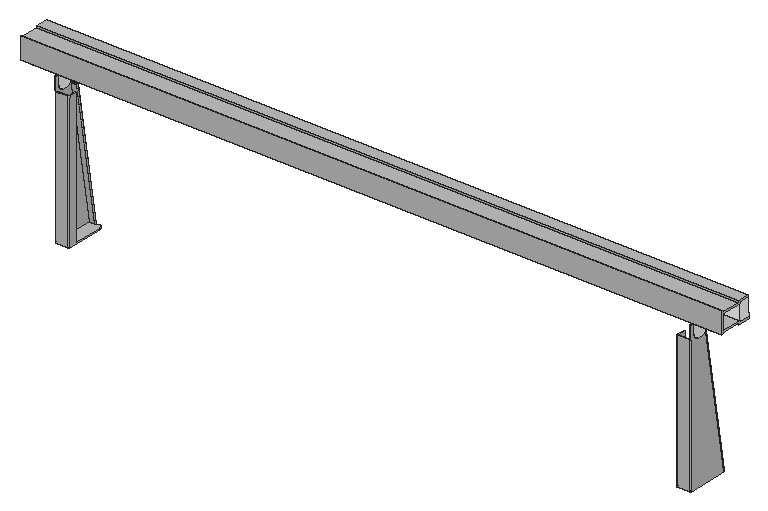
Revit family "4070763+4070746+4070772 Feilo Sylvania Lighting Fixture CURSUS 1161MM 871LM OVAL LED 4K with CONTINUOUS WALL HOUSING with 250MM WALL BRACKET", category Lighting Fixtures, host Face, Revit 2017
Family settings
  Host = Face
  Round Connector Dimension = Use Diameter
  Part Type = Normal
  OmniClass Number = 23.80.70.14
  OmniClass Title = Luminaries for External Lighting
  Cut with Voids When Loaded = Yes
  Light Source = No
  Shared = No
  Room Calculation Point = No
Parameters (values of type "4070763 CURSUS 1161MM 871LM OVAL LED 4K")
  Weight = "2.2 kg"
  Wattage Comments = "n/a"
  WarrantyStartDate [instance] = "n/a"
  WarrantyGuarantorParts = "n/a"
  WarrantyDurationUnit = "n/a"
  WarrantyDurationParts = "n/a"
  WarrantyDescription = "n/a"
  Voltage = 24 V
  URL = "http://www.sylvania-lighting.com"
  TypeName = "CURSUS 1161MM 871LM OVAL LED 4K"
  TypeFixture_FEILO = CURSUS with CONTINUOUS WALL HOUSING : CURSUS 1161MM 871LM OVAL LED 4K
  Type Image = <None>
  Type Comments = "n/a"
  TiltAngle [instance] = 0.00°
  StartAngle [instance] = TiltAngle + 270.00°  # 270.00°
  SerialNumber [instance] = "n/a"
  ReflectorMaterial = none
  PowerFactor = 0
  PowerConsumption = "18 W"
  NominalLength = 1161 mm
  NominalHeight = 50 mm
  NominalDepth = 30 mm
  Name = "CURSUS 1161MM 871LM OVAL LED 4K"
  ModelReference = Name  # "CURSUS 1161MM 871LM OVAL LED 4K"
  ModelNumber = "4070763"
  Model = Name  # "CURSUS 1161MM 871LM OVAL LED 4K"
  Material = "natural anodised extruded aluminium structure housing, optical system with pmma lenses diffuser"
  ManufacturerName = "Feilo Sylvania"
  Manufacturer = "Feilo Sylvania"
  LuminousEfficacy = "48.38 lm/W"
  LuminaireType = ""
  LightOutputRatio = "100"
  LampsType = Lamp  # "LED"
  LampNominalLuminous = "871 lm"
  LampMacAdamStep = "n/a"
  LampColourTemperature = "4000 K"
  LampColourRenderingIndex = "80"
  Lamp = "LED"
  Keynote = "16500"
  InstallationDate [instance] = "n/a"
  InputVoltage = "24V DC"
  InputNominalFrequency = "50/60 Hz"
  IngressProtection = "IP67"
  ImpactProtectionIndex = "IK07"
  IfcExportType = "IfcLightFixtureType"
  IfcExportAs = "IfcLightFixtureType"
  ExpectedLife = 50000
  EndAngle [instance] = StartAngle - 180.00°  # 90.00°
  ElectricShockClassification = "Class III"
  DurationUnit = "hours"
  DocumentationLiterature = "http://www.sylvania-lighting.com/product/en-int/products/4070763"
  DimmingControlOptions = "n/a"
  DiffuserMaterial = Diffuser-Sylvania-Glow
  Description = "LED Exterior Lighting Recessed Surface Mounted Linear Fixture, Natural anodised extruded aluminium structure. Die-cast aluminium end caps. Installation kit with harmonic steel springs., 871 lm, 18W,  48lm/W, 4000K, CRI80+,non dimmable,IP67, IK07, (HxWxD) 1161x50x30mm, 3 step Mac Adam Ellipse, 2.2kg,, Classe III, 21-25V-DC, energy class : A++, A+, A"
  Default Elevation = 1219.2 mm
  CreatedOn = "1/8/2018"
  CreatedBy = ""
  Cost = 0
  built-in parameter 1114216 [instance] = (empty or 0)
  ClassificationValue = "EF_70_80"
  ClassificationName = "Uniclass2015"
  BracketWidth = 24 mm
  BracketThickness = 2 mm
  BracketHeightEnd = 32 mm
  BracketHeight = 70 mm
  BracketFlange = BracketHeight / 5  # 14 mm
  BracketExtension = 250 mm
  BracketEndReduction = 25 mm
  BracketC = 22 mm  # constant formula
  BracketDistance = 1030 mm
  BracketD = BracketHeightEnd - (BracketC * (BracketHeight - BracketHeightEnd) / (BracketExtension - BracketEndReduction))  # 28.284 mm
  BodyMaterial = Body-Sylvania-Gray
  BarCode [instance] = "n/a"
  AssetType = "Fixed"
  AssetIdentifier [instance] = "n/a"
  Assembly Code = "D5020200"
  Apparent Load = 18 VA
  AccessoryMaterial = Diffuser-Sylvania-Glow
Reference planes
  plane 1 "Center (Front/Back)": y = 0
  plane 2: z = 0
  plane 3 "Center (Left/Right)": x = 0
  plane 4: x = -527
  plane 5: x = 527
  plane 6: y = 70
  plane 7: x = -503
  plane 8: x = 503
  plane 9: z = 250
  plane 10: z = 236
  plane 11: z = 2
  plane 12: z = 225
  plane 13: x = -525
  plane 14: y = 68
  plane 15: y = 2
  plane 16: x = -505
  plane 17: x = 505
  plane 18: x = 525
  plane 19: x = -515
  plane 20: x = 515
  plane 21: y = 14
  plane 22: y = 32
  plane 23: y = 30
  plane 24: z = 247
  plane 25: y = 28.284
  plane 26: y = 16
Forms (mm)
  Blend 1, solid, material "Body-Sylvania-Gray" <- "BodyMaterial"
    base sketch origin (1223.4, -4572, 2) x (0, -1, 0) y (1, 0, 0)
      loop
        line (-4640, -1738.4) -> (-4642, -1738.4) -> (-4642, -1748.4)
        arc (-4642, -1748.4) -> (-4641.414, -1749.814) -> (-4640, -1750.4) r 2
        line (-4640, -1750.4) -> (-4574, -1750.4)
        arc (-4574, -1750.4) -> (-4572.586, -1749.814) -> (-4572, -1748.4) r 2
        line (-4572, -1748.4) -> (-4572, -1728.4)
        arc (-4572, -1728.4) -> (-4572.586, -1726.986) -> (-4574, -1726.4) r 2
        line (-4574, -1726.4) -> (-4586, -1726.4) -> (-4586, -1728.4) -> (-4574, -1728.4) -> (-4574, -1748.4) -> (-4640, -1748.4) -> (-4640, -1738.4)
    top sketch origin (1223.4, -4572, 2) x (0, -1, 0) y (1, 0, 0)
      loop
        line (-4586, -1728.4) -> (-4574, -1728.4) -> (-4574, -1748.4) -> (-4602, -1748.4) -> (-4602, -1738.4) -> (-4604, -1738.4) -> (-4604, -1748.4)
        arc (-4604, -1748.4) -> (-4603.52, -1749.71) -> (-4602.309, -1750.4) r 2.028
        line (-4602.309, -1750.4) -> (-4574, -1750.4)
        arc (-4574, -1750.4) -> (-4572.586, -1749.814) -> (-4572, -1748.4) r 2
        line (-4572, -1748.4) -> (-4572, -1728.4)
        arc (-4572, -1728.4) -> (-4572.586, -1726.986) -> (-4574, -1726.4) r 2
        line (-4574, -1726.4) -> (-4586, -1726.4) -> (-4586, -1728.4)
    from 0 to 223
  Extrusion 2, solid, material "Body-Sylvania-Gray" <- "BodyMaterial"
    sketch origin (0, 0, 0) x (1, 0, 0) y (0, 1, 0)
      loop
        arc (-525, 70) -> (-526.414, 69.414) -> (-527, 68) r 2
        line (-527, 68) -> (-527, 2)
        arc (-527, 2) -> (-526.414, 0.586) -> (-525, 0) r 2
        line (-525, 0) -> (-505, 0)
        arc (-505, 0) -> (-503.586, 0.586) -> (-503, 2) r 2
        line (-503, 2) -> (-503, 62.5)
        arc (-503, 62.5) -> (-505.197, 67.803) -> (-510.5, 70) r 7.5
        line (-510.5, 70) -> (-525, 70)
      loop
        line (525, 70) -> (510.5, 70)
        arc (510.5, 70) -> (505.197, 67.803) -> (503, 62.5) r 7.5
        line (503, 62.5) -> (503, 2)
        arc (503, 2) -> (503.586, 0.586) -> (505, 0) r 2
        line (505, 0) -> (525, 0)
        arc (525, 0) -> (526.414, 0.586) -> (527, 2) r 2
        line (527, 2) -> (527, 68)
        arc (527, 68) -> (526.414, 69.414) -> (525, 70) r 2
    from 0 to 2
  Blend 3, solid, material "Body-Sylvania-Gray" <- "BodyMaterial"
    base sketch origin (1223.4, -4572, 2) x (0, -1, 0) y (1, 0, 0)
      loop
        line (-4640, -698.4) -> (-4574, -698.4) -> (-4574, -718.4) -> (-4586, -718.4) -> (-4586, -720.4) -> (-4574, -720.4)
        arc (-4574, -720.4) -> (-4572.586, -719.814) -> (-4572, -718.4) r 2
        line (-4572, -718.4) -> (-4572, -698.4)
        arc (-4572, -698.4) -> (-4572.586, -696.986) -> (-4574, -696.4) r 2
        line (-4574, -696.4) -> (-4640, -696.4)
        arc (-4640, -696.4) -> (-4641.414, -696.986) -> (-4642, -698.4) r 2
        line (-4642, -698.4) -> (-4642, -708.4) -> (-4640, -708.4) -> (-4640, -698.4)
    top sketch origin (1223.4, -4572, 2) x (0, -1, 0) y (1, 0, 0)
      loop
        line (-4602, -708.4) -> (-4602, -698.4) -> (-4574, -698.4) -> (-4574, -718.4) -> (-4586, -718.4) -> (-4586, -720.4) -> (-4574, -720.4)
        arc (-4574, -720.4) -> (-4572.586, -719.814) -> (-4572, -718.4) r 2
        line (-4572, -718.4) -> (-4572, -698.4)
        arc (-4572, -698.4) -> (-4572.586, -696.986) -> (-4574, -696.4) r 2
        line (-4574, -696.4) -> (-4602, -696.4)
        arc (-4602, -696.4) -> (-4603.414, -696.986) -> (-4604, -698.4) r 2
        line (-4604, -698.4) -> (-4604, -708.4) -> (-4602, -708.4)
    from 0 to 223
  Blend 4, solid, material "Body-Sylvania-Gray" <- "BodyMaterial"
    base sketch origin (1223.4, -4572, 225) x (0, -1, 0) y (1, 0, 0)
      loop
        line (-4604, -1750.4) -> (-4572, -1750.4) -> (-4572, -1748.4) -> (-4604, -1748.4) -> (-4604, -1750.4)
    top sketch origin (1223.4, -4572, 225) x (0, -1, 0) y (1, 0, 0)
      loop
        line (-4572, -1750.4) -> (-4572, -1748.4) -> (-4600.284, -1748.4) -> (-4600.284, -1750.4) -> (-4572, -1750.4)
    from 0 to 22
  Blend 5, solid, material "Body-Sylvania-Gray" <- "BodyMaterial"
    base sketch origin (1223.4, -4572, 225) x (0, -1, 0) y (1, 0, 0)
      loop
        line (-4604, -698.4) -> (-4572, -698.4) -> (-4572, -696.4) -> (-4604, -696.4) -> (-4604, -698.4)
    top sketch origin (1223.4, -4572, 225) x (0, -1, 0) y (1, 0, 0)
      loop
        line (-4572, -696.4) -> (-4600.284, -696.4) -> (-4600.284, -698.4) -> (-4572, -698.4) -> (-4572, -696.4)
    from 0 to 22
  Extrusion 6, void
    sketch origin (0, 0, 0) x (0, 1, 0) y (0, 0, 1)
      loop
        line (0, 225) -> (2, 225) -> (2, 226.5) -> (0, 226.5) -> (0, 225)
      loop
        line (32, 225) -> (32, 226.5) -> (30, 226.5) -> (30, 225) -> (32, 225)
    from -527 to 527
  Revolve 7, solid, not visible
    sketch origin (1524, 16, 1219.2) x (1, 0, 0) y (0, 0, 1)
      loop
        line (-1524, -972.2) -> (-1524, -983.2) -> (-1009, -983.2) -> (-1009, -972.2) -> (-1524, -972.2)
      axis (-1009, -983.2) -> (-1524, -983.2)
    angle from 270 <- "StartAngle" to 90 <- "EndAngle"
Cuts and joins
  Extrusion 6 cuts Blend 4
  Extrusion 6 cuts Blend 5
  joined: Blend 1, Extrusion 2, Blend 3, Blend 4, Blend 5
Lines and regions (mm)
  reference lines, not visible
    curve 1: line (-503, 16, 236) -> (503, 16, 236)
Dimensions and locks
  equal spacing: plane 4, plane 3 "Center (Left/Right)", plane 5
  "BracketDistance": plane 19 to plane 20
  "BracketHeight": plane 1 "Center (Front/Back)" to plane 6
  equal spacing: plane 7, plane 3 "Center (Left/Right)", plane 8
  "BracketWidth": plane 4 to plane 7
  "BracketExtension": plane 9 to plane 2
  "BracketThickness": plane 11 to plane 2
  "BracketEndReduction": plane 9 to plane 12
  equal spacing: plane 13, plane 3 "Center (Left/Right)", plane 18
  equal spacing: plane 16, plane 3 "Center (Left/Right)", plane 17
  "BracketThickness": plane 4 to plane 13
  "BracketThickness": plane 16 to plane 7
  "BracketThickness": plane 14 to plane 6
  "BracketThickness": plane 1 "Center (Front/Back)" to plane 15
  equal spacing: plane 4, plane 19, plane 7
  equal spacing: plane 8, plane 20, plane 5
  "BracketFlange": plane 1 "Center (Front/Back)" to plane 21
  "BracketHeightEnd": plane 1 "Center (Front/Back)" to plane 22
  "BracketThickness": plane 23 to plane 22
  locked: Extrusion 2 sketch curve to plane 7 at 7.5
  locked: Extrusion 2 sketch curve to plane 6 at 7.5  (x2)
  locked: plane 8 to Extrusion 2 sketch curve at 7.5
  "BracketC": plane 24 to plane 12
  "BracketD": plane 1 "Center (Front/Back)" to plane 25
  locked: plane 12 to Extrusion 6 sketch curve at 1.5
  equal spacing: plane 24, plane 10, plane 12
  equal spacing: plane 1 "Center (Front/Back)", plane 26, plane 22
  aligned and locked: plane 2 to host face
  aligned and locked: level to host face
  aligned and locked: plane 4 to Blend 1 sketch curve  (x2)
  aligned and locked: plane 13 to Blend 1 sketch curve  (x3)
  aligned and locked: Blend 1 sketch curve to plane 15
  aligned and locked: Blend 1 sketch curve to plane 16
  aligned and locked: Blend 1 sketch curve to plane 21
  aligned and locked: plane 7 to Blend 1 sketch curve
  aligned and locked: plane 16 to Blend 1 sketch curve
  aligned and locked: plane 1 "Center (Front/Back)" to Blend 1 sketch curve
  aligned and locked: plane 14 to Blend 1 sketch curve
  aligned and locked: Blend 1 sketch curve to var sketch  (x6)
  aligned and locked: Blend 1 sketch curve to plane 19
  aligned and locked: Blend 1 sketch curve to plane 22
  aligned and locked: plane 23 to Blend 1 sketch curve
  aligned and locked: plane 11 to Blend 1
  aligned and locked: Extrusion 2 sketch curve to Blend 1  (x3)
  aligned and locked: Extrusion 2 to level
  aligned and locked: Extrusion 2 to plane 11
  aligned and locked: Extrusion 2 sketch curve to plane 7
  aligned and locked: plane 18 to Blend 3 sketch curve  (x4)
  aligned and locked: plane 14 to Blend 3 sketch curve  (x2)
  aligned and locked: Blend 3 sketch curve to plane 20
  aligned and locked: Blend 3 sketch curve to plane 6
  aligned and locked: plane 5 to Blend 3 sketch curve
  aligned and locked: plane 1 "Center (Front/Back)" to Blend 3 sketch curve
  aligned and locked: plane 15 to Blend 3 sketch curve  (x2)
  aligned and locked: Blend 3 sketch curve to plane 8
  aligned and locked: Blend 3 sketch curve to plane 21
  aligned and locked: plane 17 to Blend 3 sketch curve
  aligned and locked: Blend 3 sketch curve to plane 18
  aligned and locked: plane 20 to Blend 3 sketch curve  (x2)
  aligned and locked: Blend 3 sketch curve to plane 23
  aligned and locked: Blend 3 sketch curve to var sketch  (x8)
  aligned and locked: var sketch to Blend 3 sketch curve
  aligned and locked: plane 22 to Blend 3 sketch curve
  aligned and locked: plane 11 to Blend 3
  aligned and locked: Extrusion 2 sketch curve to Blend 3  (x4)
  aligned and locked: Blend 1 to plane 12
  aligned and locked: Blend 3 to plane 12
  aligned and locked: Blend 4 sketch curve to plane 22
  aligned and locked: Blend 4 sketch curve to cut or joined group of Blend 1, Extrusion 2, Blend 3, Blend 4, Blend 5, Extrusion 6  (x2)
  aligned and locked: cut or joined group of Blend 1, Extrusion 2, Blend 3, Blend 4, Blend 5, Extrusion 6 to Blend 4 sketch curve
  aligned and locked: Blend 4 sketch curve to var sketch  (x2)
  aligned and locked: Blend 4 sketch curve to plane 13
  aligned and locked: Blend 4 to plane 24
  aligned and locked: Blend 4 sketch curve to plane 25
  aligned and locked: Blend 5 sketch curve to plane 18  (x2)
  aligned and locked: plane 1 "Center (Front/Back)" to Blend 5 sketch curve
  aligned and locked: plane 5 to Blend 5 sketch curve
  aligned and locked: plane 22 to Blend 5 sketch curve
  aligned and locked: Blend 5 sketch curve to var sketch
  aligned and locked: var sketch to Blend 5 sketch curve
  aligned and locked: Blend 5 sketch curve to plane 25
  aligned and locked: Blend 5 to plane 24
  aligned and locked: plane 12 to Blend 5
  aligned and locked: Extrusion 6 sketch curve to cut or joined group of Blend 1, Extrusion 2, Blend 3, Blend 4, Blend 5, Extrusion 6  (x2)
  aligned and locked: Extrusion 6 sketch curve to Extrusion 6 sketch curve
  aligned and locked: Extrusion 6 sketch curve to plane 15
  aligned and locked: plane 5 to Extrusion 6
  aligned and locked: Extrusion 6 to plane 4
  aligned and locked: Extrusion 6 sketch curve to plane 23
  aligned and locked: Revolve 7 sketch curve to plane 10  (x2)
  aligned and locked: plane 24 to Revolve 7 sketch curve
  aligned and locked: plane 3 "Center (Left/Right)" to Revolve 7 sketch curve
  aligned and locked: Revolve 7 sketch curve to plane 20
  aligned and locked: plane 7 to curve 1
  aligned and locked: plane 10 to curve 1
  aligned and locked: nested 1 to plane 5
  aligned and locked: nested 2 to plane 4
  aligned and locked: nested 1 to curve 1
  aligned and locked: nested 2 to curve 1
  aligned and locked: nested 3 to plane 3 "Center (Left/Right)"
  aligned and locked: nested 1 to nested 3
Automatic sketch dimensions
  host sketch curve to host sketch curve = 2438.4 mm  (x2)
  Blend 1 sketch curve to plane 13 = 0 mm
  plane 15 to Blend 1 sketch curve = 0 mm  (x3)
  Blend 1 sketch curve to plane 23 = 0.309 mm
  plane 6 to Blend 1 sketch curve = 0 mm
  plane 14 to Blend 1 sketch curve = 0 mm
  Blend 1 sketch curve to plane 19 = 0 mm
  Blend 3 sketch curve to plane 17 = 0 mm
  Extrusion 6 sketch curve to plane 1 "Center (Front/Back)" = 0 mm
  plane 12 to Extrusion 6 sketch curve = 0 mm
  Revolve 7 sketch curve to plane 4 = 1153 mm
  plane 5 to Revolve 7 sketch curve = 1161.4 mm
  curve 1 to plane 8 = 0 mm
Nested families
  nested 1: "MountingPlate" at (526, 16, 236) x (-1, 0, 0) z (0, 0, 1), type "MountingPlate"
  nested 2: "MountingPlate" at (-526, 16, 236) x (-1, 0, 0) z (0, 0, 1), type "MountingPlate"
  nested 3: "CURSUS with CONTINUOUS WALL HOUSING" at (0, -4, 254) x (-1, 0, 0) z (0, 0, 1), type <- "TypeFixture_FEILO", type "CURSUS 1161MM 871LM OVAL LED 4K"
    with WarrantyStartDate "n/a", SerialNumber "n/a", InstallationDate "n/a", EndCapRight no, EndCapLeft no, built-in parameter 1114216 (empty or 0), BarCode "n/a", AssetIdentifier "n/a"
Connectors
  electrical at (0, 0, 0), driven by "Voltage", driven by "Apparent Load", driven by "PowerFactor"
    settings: index 1, voltage 24 V, apparent load 18 VA, apparent load phase1 0 VA, apparent load phase2 0 VA, apparent load phase3 0 VA, power factor 0, load classification "Other", number of poles 1, system type 30, power factor state 1, is connector primary yes, connector utility no, sub classification motor no, connector description ""
Definition of nested family "MountingPlate"
  Parameters (values of type "MountingPlate")
    URL = "http://www.feilosylvania.com"
    Type Comments = "n/a"
    ReflectorMaterial = none
    MountingPlateWidth = 76 mm
    MountingPlateThickness = 2 mm
    MountingPlateRadiusBack = 12 mm
    MountingPlateRadius = 3 mm
    MountingPlateHeight = 35 mm
    Model = "n/a"
    Manufacturer = "Feilo Sylvania"
    Keynote = "n/a"
    DiffuserMaterial = none
    Description = "n/a"
    Default Elevation = 1219.2 mm
    Cost = 0
    BodyMaterial = none
    Assembly Code = "n/a"
    AccessoryMaterial = none
  Reference planes
    plane 1 "Center (Front/Back)": y = 0
    plane 2: z = 0
    plane 3 "Center (Left/Right)": x = 0
    plane 4: x = -38
    plane 5: x = 38
    plane 6: y = 17.5
    plane 7: y = -17.5
    plane 8: x = -3
    plane 9: x = 3
    plane 10: z = 18
    plane 11: z = 16
    plane 12: y = 12.5
    plane 13: y = -12.5
    plane 14: x = -1
    plane 15: x = 1
    plane 16: z = -12.5
    plane 17: z = -14.5
  Forms (mm)
    Extrusion 1, solid
      sketch origin (1.653, 0, 0) x (1, 0, 0) y (0, 1, 0)
        loop
          line (-1219.2, 1219.2) -> (-1219.2, -1219.2) -> (1219.2, -1219.2) -> (1219.2, 1219.2) -> (-1219.2, 1219.2)
      from 0 to -304.8
    Extrusion 2, solid, material <- "BodyMaterial"
      sketch origin (1218.4, -4572, 16) x (0, -1, 0) y (-1, 0, 0)
        loop
          line (-4589.5, 1253.4) -> (-4589.5, 1224.4)
          arc (-4589.5, 1224.4) -> (-4588.621, 1222.279) -> (-4586.5, 1221.4) r 3
          line (-4586.5, 1221.4) -> (-4557.5, 1221.4)
          arc (-4557.5, 1221.4) -> (-4555.379, 1222.279) -> (-4554.5, 1224.4) r 3
          line (-4554.5, 1224.4) -> (-4554.5, 1253.4)
          arc (-4554.5, 1253.4) -> (-4555.379, 1255.521) -> (-4557.5, 1256.4) r 3
          line (-4557.5, 1256.4) -> (-4586.5, 1256.4)
          arc (-4586.5, 1256.4) -> (-4588.621, 1255.521) -> (-4589.5, 1253.4) r 3
        loop
          arc (-4589.5, 1183.4) -> (-4588.621, 1181.279) -> (-4586.5, 1180.4) r 3
          line (-4586.5, 1180.4) -> (-4557.5, 1180.4)
          arc (-4557.5, 1180.4) -> (-4555.379, 1181.279) -> (-4554.5, 1183.4) r 3
          line (-4554.5, 1183.4) -> (-4554.5, 1212.4)
          arc (-4554.5, 1212.4) -> (-4555.379, 1214.521) -> (-4557.5, 1215.4) r 3
          line (-4557.5, 1215.4) -> (-4586.5, 1215.4)
          arc (-4586.5, 1215.4) -> (-4588.621, 1214.521) -> (-4589.5, 1212.4) r 3
          line (-4589.5, 1212.4) -> (-4589.5, 1183.4)
      from 0 to -2
    Extrusion 3, solid, material <- "BodyMaterial"
      sketch origin (0, 0, 0) x (1, 0, 0) y (0, 0, 1)
        loop
          line (-3, 18) -> (-3, -12.5) -> (-1, -12.5) -> (-1, 16)
          arc (-1, 16) -> (-1.586, 17.414) -> (-3, 18) r 2
        loop
          line (3, -12.5) -> (3, 18)
          arc (3, 18) -> (1.586, 17.414) -> (1, 16) r 2
          line (1, 16) -> (1, -12.5) -> (3, -12.5)
      from -12.5 to 12.5
    Extrusion 4, void
      sketch origin (0, 0, 0) x (0, 1, 0) y (0, 0, 1)
        loop
          line (-12.5, -0.5) -> (-17.5, -0.5) -> (-17.5, -14.5) -> (-0.5, -14.5) -> (-0.5, -12.5)
          arc (-0.5, -12.5) -> (-8.985, -8.985) -> (-12.5, -0.5) r 12
        loop
          line (0.5, -12.5) -> (0.5, -14.5) -> (17.5, -14.5) -> (17.5, -0.5) -> (12.5, -0.5)
          arc (12.5, -0.5) -> (8.985, -8.985) -> (0.5, -12.5) r 12
      from -3 to 3
  Cuts and joins
    Extrusion 4 cuts Extrusion 2
    Extrusion 4 cuts Extrusion 3
    joined: Extrusion 2, Extrusion 3
  Lines and regions (mm)
    reference lines
      curve 1: line (-38, 0, 0) -> (38, 0, 0)
  Dimensions and locks
    equal spacing: plane 4, plane 3 "Center (Left/Right)", plane 5
    "MountingPlateWidth": plane 4 to plane 5
    equal spacing: plane 7, plane 1 "Center (Front/Back)", plane 6
    "MountingPlateHeight": plane 7 to plane 6
    equal spacing: plane 8, plane 3 "Center (Left/Right)", plane 9
    "MountingPlateHeight": plane 4 to plane 8
    locked: plane 10 to plane 2 at 18
    "MountingPlateThickness": plane 10 to plane 11
    equal spacing: plane 13, plane 1 "Center (Front/Back)", plane 12
    locked: plane 13 to plane 12 at 25
    "MountingPlateRadius": plane 4 to Extrusion 2 sketch curve  (x2)
    "MountingPlateRadius": Extrusion 2 sketch curve to plane 6  (x4)
    "MountingPlateRadius": Extrusion 2 sketch curve to plane 8  (x2)
    "MountingPlateRadius": plane 7 to Extrusion 2 sketch curve  (x4)
    "MountingPlateRadius": plane 9 to Extrusion 2 sketch curve  (x2)
    "MountingPlateRadius": Extrusion 2 sketch curve to plane 5  (x2)
    equal spacing: plane 15, plane 3 "Center (Left/Right)", plane 14
    "MountingPlateThickness": plane 14 to plane 8
    locked: plane 2 to plane 16 at 12.5
    locked: plane 17 to plane 16 at 2
    "MountingPlateRadiusBack": plane 13 to Extrusion 4 sketch curve
    "MountingPlateRadiusBack": plane 16 to Extrusion 4 sketch curve  (x2)
    "MountingPlateRadiusBack": Extrusion 4 sketch curve to plane 12
    aligned and locked: plane 2 to Extrusion 1
    aligned and locked: level to Extrusion 1
    aligned and locked: Extrusion 2 sketch curve to plane 6
    aligned and locked: Extrusion 2 sketch curve to plane 4
    aligned and locked: plane 7 to Extrusion 2 sketch curve
    aligned and locked: plane 8 to Extrusion 2 sketch curve
    aligned and locked: plane 6 to Extrusion 2 sketch curve
    aligned and locked: Extrusion 2 sketch curve to plane 5
    aligned and locked: Extrusion 2 sketch curve to plane 7
    aligned and locked: plane 9 to Extrusion 2 sketch curve
    aligned and locked: Extrusion 2 to plane 10
    aligned and locked: plane 11 to Extrusion 2
    aligned and locked: Extrusion 3 sketch curve to Extrusion 2  (x2)
    aligned and locked: plane 16 to Extrusion 3 sketch curve  (x2)
    aligned and locked: plane 14 to Extrusion 3 sketch curve
    aligned and locked: plane 9 to Extrusion 3 sketch curve
    aligned and locked: plane 15 to Extrusion 3 sketch curve
    aligned and locked: Extrusion 3 to plane 12
    aligned and locked: plane 13 to Extrusion 3
    aligned and locked: plane 17 to Extrusion 4 sketch curve  (x2)
    aligned and locked: Extrusion 4 sketch curve to plane 7
    aligned and locked: Extrusion 4 sketch curve to plane 6
    aligned and locked: plane 9 to Extrusion 4
    aligned and locked: Extrusion 4 to plane 8
    aligned and locked: plane 4 to curve 1
    aligned and locked: curve 1 to level
  Automatic sketch dimensions
    Extrusion 1 sketch curve to Extrusion 1 sketch curve = 2438.4 mm  (x2)
    Extrusion 3 sketch curve to plane 11 = 0 mm
    curve 1 to plane 5 = 0 mm
    Extrusion 4 sketch curve to plane 13 = 0 mm
    Extrusion 4 sketch curve to plane 12 = 0 mm
Definition of nested family "CURSUS with CONTINUOUS WALL HOUSING"
  Parameters (values of type "CURSUS 1161MM 827LM OVAL LED 3K")
    Width_FEILO = 35 mm
    Weight = "2.2 kg"
    Wattage Comments = "n/a"
    Wattage = 18 W
    WarrantyStartDate [instance] = "n/a"
    WarrantyGuarantorParts = "n/a"
    WarrantyDurationUnit = "n/a"
    WarrantyDurationParts = "n/a"
    WarrantyDescription = "n/a"
    WallThickness_FEILO = 2.5 mm
    built-in parameter 1150110 = 1 (stored number, unit not read)
    Voltage = 24 V
    URL = "http://www.feilosylvania.com"
    TypeName = "CURSUS 1161MM 827LM OVAL LED 3K"
    Type Image = (empty or 0)
    Type Comments = "n/a"
    built-in parameter 1114217 = 1 (stored number, unit not read)
    Tilt Angle = -90.00°
    built-in parameter 1150109 = 1 (stored number, unit not read)
    built-in parameter 1150134 = (empty or 0)
    built-in parameter 1150113 = 1 (stored number, unit not read)
    SerialNumber [instance] = "n/a"
    ReflectorMaterial = none
    PowerFactor = 0
    PowerConsumption = "18 W"
    Photometric Web File = "4070765.ies"
    NominalLength = 1161 mm
    NominalHeight = 50 mm
    NominalDepth = 30 mm
    Name = "CURSUS 1161MM 827LM OVAL LED 3K"
    ModelReference = Name  # "CURSUS 1161MM 827LM OVAL LED 3K"
    ModelNumber = ""
    Model = Name  # "CURSUS 1161MM 827LM OVAL LED 3K"
    Material = "natural anodised extruded aluminium structure housing, optical system with pmma lenses diffuser"
    ManufacturerName = "Feilo Sylvania"
    Manufacturer = "Feilo Sylvania"
    LuminousEfficacy = "45.94 lm/W"
    built-in parameter 1150105 = 65.811 (stored number, unit not read)
    Lumens = 827 lm
    LuminaireType = ""
    built-in parameter 1150115 = 1 (stored number, unit not read)
    LightOutputRatio = "100"
    built-in parameter 1150137 = (empty or 0)
    built-in parameter 1150139 = (empty or 0)
    Length_FEILO = 1167 mm
    LampsType = Lamp  # "LED"
    LampNominalLuminous = "827 lm"
    LampMacAdamStep = "n/a"
    LampColourTemperature = "3000 K"
    LampColourRenderingIndex = "80"
    built-in parameter 1150112 = 1 (stored number, unit not read)
    built-in parameter 1150114 = 1 (stored number, unit not read)
    Lamp = "LED"
    Keynote = "16500"
    InstallationDate [instance] = "n/a"
    InputVoltage = "24V DC"
    InputNominalFrequency = "n/a"
    built-in parameter 1150132 = (empty or 0)
    built-in parameter 1150102 = (empty or 0)
    built-in parameter 1150107 = 3000 (stored number, unit not read)
    built-in parameter 1150138 = (empty or 0)
    IngressProtection = "IP67"
    ImpactProtectionIndex = "IK07"
    built-in parameter 1150106 = 0.65811 (stored number, unit not read)
    IfcExportType = "IfcLightFixtureType"
    IfcExportAs = "IfcLightFixtureType"
    ExpectedLife = 50000
    EndCapRight [instance] = no
    EndCapLeft [instance] = no
    Emit from Rectangle Width = Width_FEILO - WallThickness_FEILO * 2  # 30 mm
    Emit from Rectangle Length = Length_FEILO - WallThickness_FEILO * 2  # 1162 mm
    Emit Shape Visible in Rendering = no
    ElectricShockClassification = "Class III"
    built-in parameter 1150104 = 4.2684 (stored number, unit not read)
    DurationUnit = "hours"
    DocumentationLiterature = "http://www.feilosylvania.com/product/en-int/products/4070765"
    DimmingControlOptions = "n/a"
    Dimming Lamp Color Temperature Shift = (empty or 0)
    DiffuserMaterial = none
    Description = "LED Exterior Lighting Recessed Surface Mounted Linear Fixture, Natural anodised extruded aluminium structure. Die-cast aluminium end caps. Installation kit with harmonic steel springs., 827 lm, 18W, 45lm/W, 3000K, CRI80+,non dimmable,IP67, IK07, (HxWxD) 1161x50x30mm, 3 step Mac Adam Ellipse, 2.2kg,, Classe III, 21-25V-DC, energy class : A++, A+, A"
    Default Elevation = 1219.2 mm
    CreatedOn = "1/8/2018"
    CreatedBy = "aron.fodor@feilosylvania.com"
    Cost = 0
    Color Filter = 16777215
    built-in parameter 1114216 [instance] = (empty or 0)
    ClassificationValue = "EF_70_80"
    ClassificationName = "Uniclass2015"
    BodyMaterial = none
    BarCode [instance] = "n/a"
    built-in parameter 1114218 = 1 (stored number, unit not read)
    built-in parameter 1150133 = 10 (stored number, unit not read)
    AssetType = "Fixed"
    AssetIdentifier [instance] = "n/a"
    Assembly Code = "D5020200"
    Apparent Load = 18 VA
    AccessoryMaterial = none
  Types (16, lengths in mm): name | Weight | Wattage | Voltage | TypeName | built-in parameter 1150134 | PowerConsumption | Photometric Web File | NominalLength | Name | ModelReference | Model | Material | LuminousEfficacy | built-in parameter 1150105 | Lumens | Length_FEILO | LampNominalLuminous | LampColourTemperature | InputVoltage | InputNominalFrequency | built-in parameter 1150107 | built-in parameter 1150106 | Emit from Rectangle Length | built-in parameter 1150104 | DocumentationLiterature | Description | Apparent Load
    CURSUS 1161MM 827LM OVAL LED 3K | "2.2 kg" | 18 W | 24 V | "CURSUS 1161MM 827LM OVAL LED 3K" | (empty or 0) | "18 W" | "4070765.ies" | 1161 | "CURSUS 1161MM 827LM OVAL LED 3K" | "CURSUS 1161MM 827LM OVAL LED 3K" | "CURSUS 1161MM 827LM OVAL LED 3K" | "natural anodised extruded aluminium structure housing, optical system with pmma lenses diffuser" | "45.94 lm/W" | 65.811 (stored number, unit not read) | 827 lm | 1167 | "827 lm" | "3000 K" | "24V DC" | "n/a" | 3000 (stored number, unit not read) | 0.65811 (stored number, unit not read) | 1162 | 4.2684 (stored number, unit not read) | "http://www.feilosylvania.com/product/en-int/products/4070765" | "LED Exterior Lighting Recessed Surface Mounted Linear Fixture, Natural anodised extruded aluminium structure. Die-cast aluminium end caps. Installation kit with harmonic steel springs., 827 lm, 18W, 45lm/W, 3000K, CRI80+,non dimmable,IP67, IK07, (HxWxD) 1161x50x30mm, 3 step Mac Adam Ellipse, 2.2kg,, Classe III, 21-25V-DC, energy class : A++, A+, A" | 18 VA
    CURSUS 1161MM 731LM WIDE LED 3K | "2.2 kg" | 18 W | 230 V | "CURSUS 1161MM 731LM WIDE LED 3K" | (empty or 0) | "18 W" | "4070764.ies" | 1161 | "CURSUS 1161MM 731LM WIDE LED 3K" | "CURSUS 1161MM 731LM WIDE LED 3K" | "CURSUS 1161MM 731LM WIDE LED 3K" | "natural anodised extruded aluminium structure housing" | "40.61 lm/W" | 58.171 (stored number, unit not read) | 731 lm | 1167 | "731 lm" | "3000 K" | "220-240V~" | "n/a" | 3000 (stored number, unit not read) | 0.58171 (stored number, unit not read) | 1162 | 3.7729 (stored number, unit not read) | "http://www.feilosylvania.com/product/en-int/products/4070764" | "LED Exterior Lighting Recessed Surface Mounted Linear Fixture, Natural anodised extruded aluminium structure. Die-cast aluminium end caps. Installation kit with harmonic steel springs., 731 lm, 18W, 40lm/W, 3000K, CRI80+,non dimmable,IP67, IK07, (HxWxD) 1161x50x30mm, 3 step Mac Adam Ellipse, 2.2kg,, Classe III, 21-25V-DC, energy class : A++, A+, A" | 18 VA
    CURSUS 1161MM 871LM OVAL LED 4K | "2.2 kg" | 18 W | 24 V | "CURSUS 1161MM 871LM OVAL LED 4K" | 12 | "18 W" | "4070763.ies" | 1161 | "CURSUS 1161MM 871LM OVAL LED 4K" | "CURSUS 1161MM 871LM OVAL LED 4K" | "CURSUS 1161MM 871LM OVAL LED 4K" | "natural anodised extruded aluminium structure housing, optical system with pmma lenses diffuser" | "48.38 lm/W" | 69.312 (stored number, unit not read) | 871 lm | 1167 | "871 lm" | "4000 K" | "24V DC" | "50/60 Hz" | 4000 (stored number, unit not read) | 0.69312 (stored number, unit not read) | 1162 | 4.4955 (stored number, unit not read) | "http://www.feilosylvania.com/product/en-int/products/4070763" | "LED Exterior Lighting Recessed Surface Mounted Linear Fixture, Natural anodised extruded aluminium structure. Die-cast aluminium end caps. Installation kit with harmonic steel springs., 871 lm, 18W,  48lm/W, 4000K, CRI80+,non dimmable,IP67, IK07, (HxWxD) 1161x50x30mm, 3 step Mac Adam Ellipse, 2.2kg,, Classe III, 21-25V-DC, energy class : A++, A+, A" | 18 VA
    CURSUS 1161MM 770LM WIDE LED 4K | "2.2 kg" | 18 W | 230 V | "CURSUS 1161MM 770LM WIDE LED 4K" | 12 | "18 W" | "4070762.ies" | 1161 | "CURSUS 1161MM 770LM WIDE LED 4K" | "CURSUS 1161MM 770LM WIDE LED 4K" | "CURSUS 1161MM 770LM WIDE LED 4K" | "natural anodised extruded aluminium structure housing" | "42.77 lm/W" | 61.275 (stored number, unit not read) | 770 lm | 1167 | "770 lm" | "4000 K" | "220-240V~" | "n/a" | 4000 (stored number, unit not read) | 0.61275 (stored number, unit not read) | 1162 | 3.9742 (stored number, unit not read) | "http://www.feilosylvania.com/product/en-int/products/4070762" | "LED Exterior Lighting Recessed Surface Mounted Linear Fixture, Natural anodised extruded aluminium structure. Die-cast aluminium end caps. Installation kit with harmonic steel springs., 770 lm, 18W,  42lm/W, 4000K, CRI80+,non dimmable,IP67, IK07, (HxWxD) 1161x50x30mm, 3 step Mac Adam Ellipse, 2.2kg,, Classe III, 21-25V-DC, energy class : A++, A+, A" | 18 VA
    CURSUS 876MM 620LM OVAL LED 3K | "1.7 kg" | 13.5 W | 24 V | "CURSUS 876MM 620LM OVAL LED 3K" | (empty or 0) | "13.5 W" | "4070758.ies" | 876 | "CURSUS 876MM 620LM OVAL LED 3K" | "CURSUS 876MM 620LM OVAL LED 3K" | "CURSUS 876MM 620LM OVAL LED 3K" | "natural anodised extruded aluminium structure housing, optical system with pmma lenses diffuser" | "45.92 lm/W" | 49.338 (stored number, unit not read) | 620 lm | 882 | "620 lm" | "3000 K" | "24V DC" | "50/60 Hz" | 3000 (stored number, unit not read) | 0.49338 (stored number, unit not read) | 877 | 4.2667 (stored number, unit not read) | "http://www.feilosylvania.com/product/en-int/products/4070758" | "LED Exterior Lighting Recessed Surface Mounted Linear Fixture, Natural anodised extruded aluminium structure. Die-cast aluminium end caps. Installation kit with harmonic steel springs., 620 lm, 13,5W, 45lm/W, 3000K, CRI80+,non dimmable,IP67, IK07, (HxWxD) 876x50x30mm, 3 step Mac Adam Ellipse, 1.7kg,, Classe III, 21-25V-DC, energy class : A++, A+, A" | 13.5 VA
    CURSUS 876MM 548LM WIDE LED 3K | "1.7 kg" | 13.5 W | 24 V | "CURSUS 876MM 548LM WIDE LED 3K" | (empty or 0) | "13.5 W" | "4070757.ies" | 876 | "CURSUS 876MM 548LM WIDE LED 3K" | "CURSUS 876MM 548LM WIDE LED 3K" | "CURSUS 876MM 548LM WIDE LED 3K" | "natural anodised extruded aluminium structure housing" | "40.59 lm/W" | 43.608 (stored number, unit not read) | 548 lm | 882 | "548 lm" | "3000 K" | "24V DC" | "n/a" | 3000 (stored number, unit not read) | 0.43608 (stored number, unit not read) | 877 | 3.7712 (stored number, unit not read) | "http://www.feilosylvania.com/product/en-int/products/4070757" | "LED Exterior Lighting Recessed Surface Mounted Linear Fixture, Natural anodised extruded aluminium structure. Die-cast aluminium end caps. Installation kit with harmonic steel springs., 548 lm, 13,5W, 40lm/W, 3000K, CRI80+,non dimmable,IP67, IK07, (HxWxD) 876x50x30mm, 3 step Mac Adam Ellipse, 1.7kg,, Classe III, 21-25V-DC, energy class : A++, A+, A" | 13.5 VA
    CURSUS 876MM 653LM OVAL LED 4K | "1.7 kg" | 13.5 W | 24 V | "CURSUS 876MM 653LM OVAL LED 4K" | 12 | "13.5 W" | "4070756.ies" | 876 | "CURSUS 876MM 653LM OVAL LED 4K" | "CURSUS 876MM 653LM OVAL LED 4K" | "CURSUS 876MM 653LM OVAL LED 4K" | "natural anodised extruded aluminium structure housing, optical system with pmma lenses diffuser" | "48.37 lm/W" | 51.964 (stored number, unit not read) | 653 lm | 882 | "653 lm" | "4000 K" | "24V DC" | "n/a" | 4000 (stored number, unit not read) | 0.51964 (stored number, unit not read) | 877 | 4.4938 (stored number, unit not read) | "http://www.feilosylvania.com/product/en-int/products/4070756" | "LED Exterior Lighting Recessed Surface Mounted Linear Fixture, Natural anodised extruded aluminium structure. Die-cast aluminium end caps. Installation kit with harmonic steel springs., 653 lm, 13,5W,  48lm/W, 4000K, CRI80+,non dimmable,IP67, IK07, (HxWxD) 876x50x30mm, 3 step Mac Adam Ellipse, 1.7kg,, Classe III, 21-25V-DC, energy class : A++, A+, A" | 13.5 VA
    CURSUS 876MM 577LM WIDE LED 4K | "1.7 kg" | 13.5 W | 24 V | "CURSUS 876MM 577LM WIDE LED 4K" | 12 | "13.5 W" | "4070755.ies" | 876 | "CURSUS 876MM 577LM WIDE LED 4K" | "CURSUS 876MM 577LM WIDE LED 4K" | "CURSUS 876MM 577LM WIDE LED 4K" | "natural anodised extruded aluminium structure housing" | "42.74 lm/W" | 45.916 (stored number, unit not read) | 577 lm | 882 | "577 lm" | "4000 K" | "24V DC" | "n/a" | 4000 (stored number, unit not read) | 0.45916 (stored number, unit not read) | 877 | 3.9707 (stored number, unit not read) | "http://www.feilosylvania.com/product/en-int/products/4070755" | "LED Exterior Lighting Recessed Surface Mounted Linear Fixture, Natural anodised extruded aluminium structure. Die-cast aluminium end caps. Installation kit with harmonic steel springs., 577 lm, 13,5W,  42lm/W, 4000K, CRI80+,non dimmable,IP67, IK07, (HxWxD) 876x50x30mm, 3 step Mac Adam Ellipse, 1.7kg,, Classe III, 21-25V-DC, energy class : A++, A+, A" | 13.5 VA
    CURSUS 591MM 414LM OVAL LED 3K | "1.2 kg" | 9 W | 24 V | "CURSUS 591MM 414LM OVAL LED 3K" | (empty or 0) | "9 W" | "4070751.ies" | 591 | "CURSUS 591MM 414LM OVAL LED 3K" | "CURSUS 591MM 414LM OVAL LED 3K" | "CURSUS 591MM 414LM OVAL LED 3K" | "natural anodised extruded aluminium structure housing, optical system with pmma lenses diffuser" | "46 lm/W" | 32.945 (stored number, unit not read) | 414 lm | 597 | "414 lm" | "3000 K" | "24V DC" | "n/a" | 3000 (stored number, unit not read) | 0.32945 (stored number, unit not read) | 592 | 4.2735 (stored number, unit not read) | "http://www.feilosylvania.com/product/en-int/products/4070751" | "LED Exterior Lighting Recessed Surface Mounted Linear Fixture, Natural anodised extruded aluminium structure. Die-cast aluminium end caps. Installation kit with harmonic steel springs., 414 lm, 9W, 46lm/W, 3000K, CRI80+,non dimmable,IP67, IK07, (HxWxD) 591x50x30mm, 3 step Mac Adam Ellipse, 1.2kg,, Classe III, 21-25V-DC, energy class : A++, A+, A" | 9 VA
    CURSUS 591MM 365LM WIDE LED 3K | "1.2 kg" | 9 W | 24 V | "CURSUS 591MM 365LM WIDE LED 3K" | (empty or 0) | "9 W" | "4070750.ies" | 591 | "CURSUS 591MM 365LM WIDE LED 3K" | "CURSUS 591MM 365LM WIDE LED 3K" | "CURSUS 591MM 365LM WIDE LED 3K" | "natural anodised extruded aluminium structure housing" | "40.55 lm/W" | 29.046 (stored number, unit not read) | 365 lm | 597 | "365 lm" | "3000 K" | "24V DC" | "n/a" | 3000 (stored number, unit not read) | 0.29046 (stored number, unit not read) | 592 | 3.7677 (stored number, unit not read) | "http://www.feilosylvania.com/product/en-int/products/4070750" | "LED Exterior Lighting Recessed Surface Mounted Linear Fixture, Natural anodised extruded aluminium structure. Die-cast aluminium end caps. Installation kit with harmonic steel springs., 365 lm, 9W, 40lm/W, 3000K, CRI80+,non dimmable,IP67, IK07, (HxWxD) 591x50x30mm, 3 step Mac Adam Ellipse, 1.2kg,, Classe III, 21-25V-DC, energy class : A++, A+, A" | 9 VA
    CURSUS 591MM 435LM OVAL LED 4K | "1.2 kg" | 9 W | 24 V | "CURSUS 591MM 435LM OVAL LED 4K" | 12 | "9 W" | "4070749.ies" | 591 | "CURSUS 591MM 435LM OVAL LED 4K" | "CURSUS 591MM 435LM OVAL LED 4K" | "CURSUS 591MM 435LM OVAL LED 4K" | "natural anodised extruded aluminium structure housing, optical system with pmma lenses diffuser" | "48.33 lm/W" | 34.616 (stored number, unit not read) | 435 lm | 597 | "435 lm" | "4000 K" | "24V DC" | "n/a" | 4000 (stored number, unit not read) | 0.34616 (stored number, unit not read) | 592 | 4.4903 (stored number, unit not read) | "http://www.feilosylvania.com/product/en-int/products/4070749" | "LED Exterior Lighting Recessed Surface Mounted Linear Fixture, Natural anodised extruded aluminium structure. Die-cast aluminium end caps. Installation kit with harmonic steel springs., 435 lm, 9W, 48lm/W, 4000K, CRI80+,non dimmable,IP67, IK07, (HxWxD) 591x50x30mm, 3 step Mac Adam Ellipse, 1.2kg,, Classe III, 21-25V-DC, energy class : A++, A+, A" | 9 VA
    CURSUS 591MM 385LM WIDE LED 4K | "1.2 kg" | 9 W | 24 V | "CURSUS 591MM 385LM WIDE LED 4K" | 12 | "9 W" | "4070748.ies" | 591 | "CURSUS 591MM 385LM WIDE LED 4K" | "CURSUS 591MM 385LM WIDE LED 4K" | "CURSUS 591MM 385LM WIDE LED 4K" | "natural anodised extruded aluminium structure housing" | "42.77 lm/W" | 30.637 (stored number, unit not read) | 385 lm | 597 | "385 lm" | "4000 K" | "24V DC" | "n/a" | 4000 (stored number, unit not read) | 0.30637 (stored number, unit not read) | 592 | 3.9742 (stored number, unit not read) | "http://www.feilosylvania.com/product/en-int/products/4070748" | "LED Exterior Lighting Recessed Surface Mounted Linear Fixture, Natural anodised extruded aluminium structure. Die-cast aluminium end caps. Installation kit with harmonic steel springs., 385 lm, 9W,  42lm/W, 4000K, CRI80+,non dimmable,IP67, IK07, (HxWxD) 591x50x30mm, 3 step Mac Adam Ellipse, 1.2kg,, Classe III, 21-25V-DC, energy class : A++, A+, A" | 9 VA
    CURSUS 306MM 207LM OVAL LED3K | "0.6 kg" | 4.5 W | 24 V | "CURSUS 306MM 207LM OVAL LED3K" | (empty or 0) | "4.5 W" | "4070744.ies" | 306 | "CURSUS 306MM 207LM OVAL LED3K" | "CURSUS 306MM 207LM OVAL LED3K" | "CURSUS 306MM 207LM OVAL LED3K" | "natural anodised extruded aluminium structure housing, optical system with pmma lenses diffuser" | "46 lm/W" | 16.473 (stored number, unit not read) | 207 lm | 312 | "207 lm" | "3000 K" | "24V DC" | "n/a" | 3000 (stored number, unit not read) | 0.16473 (stored number, unit not read) | 307 | 4.2735 (stored number, unit not read) | "http://www.feilosylvania.com/product/en-int/products/4070744" | "LED Exterior Lighting Recessed Surface Mounted Linear Fixture, Natural anodised extruded aluminium structure. Die-cast aluminium end caps. Installation kit with harmonic steel springs., 207 lm, 4,5W, 46lm/W, 3000K, CRI80+,non dimmable,IP67, IK07, (HxWxD) 306x50x30mm, 3 step Mac Adam Ellipse, 0.6kg,, Classe III, 21-25V-DC, energy class : A++, A+, A" | 4.5 VA
    CURSUS 306MM 183LM WIDE LED 3K | "0.6 kg" | 4.5 W | 24 V | "CURSUS 306MM 183LM WIDE LED 3K" | (empty or 0) | "4.5 W" | "4070743.ies" | 306 | "CURSUS 306MM 183LM WIDE LED 3K" | "CURSUS 306MM 183LM WIDE LED 3K" | "CURSUS 306MM 183LM WIDE LED 3K" | "natural anodised extruded aluminium structure housing" | "40.66 lm/W" | 14.563 (stored number, unit not read) | 183 lm | 312 | "183 lm" | "3000 K" | "24V DC" | "n/a" | 3000 (stored number, unit not read) | 0.14563 (stored number, unit not read) | 307 | 3.7781 (stored number, unit not read) | "http://www.feilosylvania.com/product/en-int/products/4070743" | "LED Exterior Lighting Recessed Surface Mounted Linear Fixture, Natural anodised extruded aluminium structure. Die-cast aluminium end caps. Installation kit with harmonic steel springs., 183 lm, 4,5W, 40lm/W, 3000K, CRI80+,non dimmable,IP67, IK07, (HxWxD) 306x50x30mm, 3 step Mac Adam Ellipse, 0.6kg,, Classe III, 21-25V-DC, energy class : A++, A+, A" | 4.5 VA
    CURSUS 306MM 218LM OVAL LED 4K | "0.6 kg" | 4.5 W | 24 V | "CURSUS 306MM 218LM OVAL LED 4K" | 12 | "4.5 W" | "4070742.ies" | 306 | "CURSUS 306MM 218LM OVAL LED 4K" | "CURSUS 306MM 218LM OVAL LED 4K" | "CURSUS 306MM 218LM OVAL LED 4K" | "natural anodised extruded aluminium structure housing, optical system with pmma lenses diffuser" | "48.44 lm/W" | 17.348 (stored number, unit not read) | 218 lm | 312 | "218 lm" | "4000 K" | "24V DC" | "n/a" | 4000 (stored number, unit not read) | 0.17348 (stored number, unit not read) | 307 | 4.5006 (stored number, unit not read) | "http://www.feilosylvania.com/product/en-int/products/4070742" | "LED Exterior Lighting Recessed Surface Mounted Linear Fixture, Natural anodised extruded aluminium structure. Die-cast aluminium end caps. Installation kit with harmonic steel springs., 218 lm, 4,5W,  48lm/W, 4000K, CRI80+,non dimmable,IP67, IK07, (HxWxD) 306x50x30mm, 3 step Mac Adam Ellipse, 0.6kg,, Classe III, 21-25V-DC, energy class : A++, A+, A" | 4.5 VA
    CURSUS 306MM 192LM WIDE LED 4K | "0.6 kg" | 4.5 W | 24 V | "CURSUS 306MM 192LM WIDE LED 4K" | 12 | "4.5 W" | "4070741.ies" | 306 | "CURSUS 306MM 192LM WIDE LED 4K" | "CURSUS 306MM 192LM WIDE LED 4K" | "CURSUS 306MM 192LM WIDE LED 4K" | "natural anodised extruded aluminium structure housing" | "42.66 lm/W" | 15.279 (stored number, unit not read) | 192 lm | 312 | "192 lm" | "4000 K" | "24V DC" | "n/a" | 4000 (stored number, unit not read) | 0.15279 (stored number, unit not read) | 307 | 3.9639 (stored number, unit not read) | "http://www.feilosylvania.com/product/en-int/products/4070741" | "LED Exterior Lighting Recessed Surface Mounted Linear Fixture, Natural anodised extruded aluminium structure. Die-cast aluminium end caps. Installation kit with harmonic steel springs., 192 lm, 4,5W,  42lm/W, 4000K, CRI80+,non dimmable,IP67, IK07, (HxWxD) 306x50x30mm, 3 step Mac Adam Ellipse, 0.6kg,, Classe III, 21-25V-DC, energy class : A++, A+, A" | 4.5 VA
  Reference planes
    plane 1 "Center (Front/Back)": y = 0
    plane 2: z = 0
    plane 3 "Center (Left/Right)": x = 0
    plane 4: x = 583.5
    plane 5: x = -583.5
    plane 6: x = -581
    plane 7: x = 581
    plane 8: z = 35
    plane 9: z = 17.5
    plane 10: z = 32.5
    plane 11: z = 2.5
    plane 12: z = 30
    plane 13: z = 5
    plane 14: y = -55
    plane 15: y = -53
    plane 16: y = -2.5
    plane 17: y = -37
    plane 18: y = -34.5
  Forms (mm)
    Extrusion 1, solid
      sketch origin (4.2, 0, 0) x (1, 0, 0) y (0, 1, 0)
        loop
          line (-1219.2, 1219.2) -> (-1219.2, -1219.2) -> (1219.2, -1219.2) -> (1219.2, 1219.2) -> (-1219.2, 1219.2)
      from 0 to -304.8
    Extrusion 2, solid, material <- "BodyMaterial"
      sketch origin (0, 0, 0) x (0, 1, 0) y (0, 0, 1)
        loop
          line (0, 35) -> (-2.5, 35) -> (-2.5, 32.5) -> (-34.5, 32.5) -> (-34.5, 35) -> (-55, 35) -> (-55, 32.5) -> (-37, 32.5) -> (-37, 30) -> (-2.5, 30) -> (-2.5, 5) -> (-37, 5) -> (-37, 2.5) -> (-55, 2.5) -> (-55, 0) -> (-34.5, 0) -> (-34.5, 2.5) -> (-2.5, 2.5) -> (-2.5, 0) -> (0, 0) -> (0, 35)
      from -581 to 581
    Extrusion 3, solid, material <- "DiffuserMaterial"
      sketch origin (0, 0, 0) x (0, 1, 0) y (0, 0, 1)
        loop
          line (-37, 32.5) -> (-55, 32.5) -> (-55, 19.5) -> (-53, 17.5) -> (-55, 15.5) -> (-55, 2.5) -> (-37, 2.5) -> (-37, 32.5)
      from -581 to 581
    Extrusion 4, solid, material <- "BodyMaterial", visible <- "EndCapRight"
      sketch origin (581, 1524, 1219.2) x (0, 1, 0) y (0, 0, 1)
        loop
          line (-1579, -1184.2) -> (-1579, -1219.2) -> (-1524, -1219.2) -> (-1524, -1184.2) -> (-1579, -1184.2)
      from 0 to 2.5
    Extrusion 5, solid, material <- "BodyMaterial", visible <- "EndCapLeft"
      sketch origin (-581, 1524, 1219.2) x (0, 1, 0) y (0, 0, 1)
        loop
          line (-1579, -1184.2) -> (-1579, -1219.2) -> (-1524, -1219.2) -> (-1524, -1184.2) -> (-1579, -1184.2)
      from -2.5 to 0
  Dimensions and locks
    equal spacing: plane 5, plane 3 "Center (Left/Right)", plane 4
    "Length_FEILO": plane 5 to plane 4
    equal spacing: plane 6, plane 3 "Center (Left/Right)", plane 7
    "WallThickness_FEILO": plane 5 to plane 6
    locked: plane 9 to plane 2 at 17.5
    locked: plane 8 to plane 2 at 35
    equal spacing: plane 11, plane 9, plane 10
    equal spacing: plane 13, plane 9, plane 12
    "WallThickness_FEILO": plane 12 to plane 10
    locked: plane 14 to plane 15 at 2
    locked: plane 14 to plane 17 at 18
    "WallThickness_FEILO": plane 17 to plane 18
    "WallThickness_FEILO": plane 16 to plane 1 "Center (Front/Back)"
    locked: plane 15 to Extrusion 3 sketch curve (angle 45.00°)
    locked: Extrusion 3 sketch curve to plane 15 (angle 45.00°)
    aligned and locked: plane 2 to Extrusion 1
    aligned and locked: level to Extrusion 1
    aligned and locked: plane 1 "Center (Front/Back)" to Extrusion 2 sketch curve
    aligned and locked: Extrusion 2 sketch curve to plane 8  (x2)
    aligned and locked: plane 16 to Extrusion 2 sketch curve
    aligned and locked: Extrusion 1 to Extrusion 2 sketch curve
    aligned and locked: Extrusion 2 sketch curve to plane 16  (x2)
    aligned and locked: Extrusion 2 sketch curve to plane 11
    aligned and locked: plane 18 to Extrusion 2 sketch curve
    aligned and locked: level to Extrusion 2 sketch curve
    aligned and locked: plane 11 to Extrusion 2 sketch curve
    aligned and locked: Extrusion 2 sketch curve to plane 17
    aligned and locked: plane 13 to Extrusion 2 sketch curve
    aligned and locked: Extrusion 2 sketch curve to plane 12
    aligned and locked: plane 10 to Extrusion 2 sketch curve  (x2)
    aligned and locked: plane 17 to Extrusion 2 sketch curve  (x2)
    aligned and locked: plane 12 to Extrusion 2 sketch curve
    aligned and locked: Extrusion 2 sketch curve to plane 10
    aligned and locked: Extrusion 2 sketch curve to plane 18
    aligned and locked: plane 7 to Extrusion 2
    aligned and locked: Extrusion 2 to plane 6
    aligned and locked: Extrusion 3 sketch curve to Extrusion 2  (x4)
    aligned and locked: Extrusion 2 to Extrusion 3 sketch curve
    aligned and locked: plane 9 to Extrusion 3 sketch curve
    aligned and locked: plane 7 to Extrusion 3
    aligned and locked: Extrusion 3 to plane 6
    aligned and locked: Extrusion 4 sketch curve to Extrusion 2  (x4)
    aligned and locked: plane 4 to Extrusion 4
    aligned and locked: Extrusion 4 to plane 7
    aligned and locked: Extrusion 5 sketch curve to Extrusion 4  (x3)
    aligned and locked: Extrusion 5 sketch curve to Extrusion 2
    aligned and locked: Extrusion 5 to plane 5
    aligned and locked: plane 6 to Extrusion 5
    aligned and locked: plane 14 to imposter light
    aligned and locked: imposter light to plane 9
    aligned and locked: plane 3 "Center (Left/Right)" to imposter light
  Automatic sketch dimensions
    Extrusion 1 sketch curve to Extrusion 1 sketch curve = 2438.4 mm  (x2)
    Extrusion 2 sketch curve to plane 14 = 0 mm  (x2)
    Extrusion 3 sketch curve to plane 15 = 0 mm
  Connectors
    electrical at (0, 0, 0), driven by "Apparent Load", driven by "PowerFactor", driven by "Voltage"
      settings: index 1, voltage 24 V, apparent load 18 VA, apparent load phase1 0 VA, apparent load phase2 0 VA, apparent load phase3 0 VA, power factor 0, load classification none, number of poles 1, system type 30, power factor state 1, is connector primary yes, connector utility no, sub classification motor no, connector description ""
